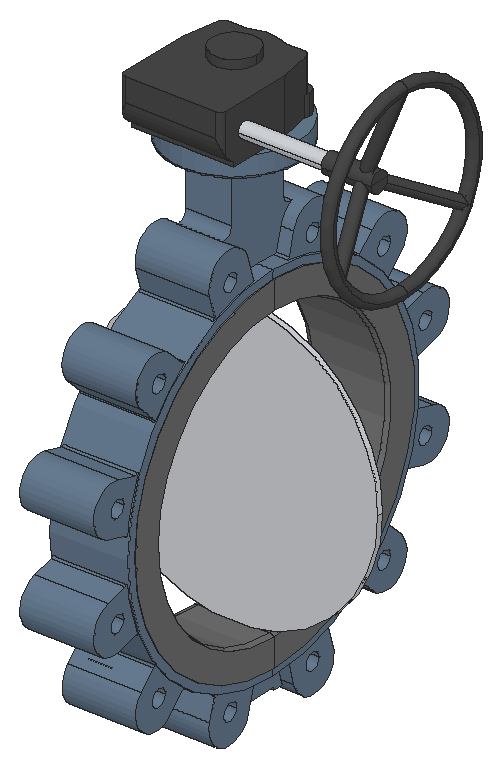
Revit family "Absperr- und Regulierklappe mit Getriebe AF-4219", category Rohrzubehör, Revit 2020 (continued)
Definition of nested family "Getriebe für Klappe DN50-DN200"
  Dimensions and locks
    "B05": Revolve 6 sketch curve to plane 3 "Mitte (Links/rechts)"
    "R07": Revolve 6 sketch curve to Revolve 6 sketch curve
    "A01": plane 2 to Revolve 6 sketch curve
    "R02": radius of Extrusion 1 sketch curve  (x4)
    "R01": radius of Extrusion 1 sketch curve
    "R03": radius of Extrusion 2 sketch curve  (x2)
    "R06": radius of Revolve 6 sketch curve
    "W01": angle Extrusion 1 sketch curve to Extrusion 1 sketch curve  (x2)
    aligned and locked: level to plane 2
  Automatic sketch dimensions
    Extrusion 3 sketch curve to level = 0 mm
    plane 1 "Mitte (Vorne/hinten)" to Extrusion 3 sketch curve = 80 mm
    Extrusion 3 sketch curve to Extrusion 3 sketch curve = 15.427 mm
    Extrusion 3 sketch curve to Extrusion 3 sketch curve = 13.173 mm
    level to Extrusion 3 sketch curve = 4.9 mm
    plane 1 "Mitte (Vorne/hinten)" to Extrusion 5 sketch curve = 0 mm
    Extrusion 5 sketch curve to plane 3 "Mitte (Links/rechts)" = 0 mm
    level to Revolve 7 sketch curve = 28.6 mm  (x2)
    plane 3 "Mitte (Links/rechts)" to Revolve 7 sketch curve = 172 mm
    level to Revolve 7 sketch curve = 26.361 mm
    Revolve 7 sketch curve to Revolve 7 sketch curve = 5.567 mm
    level to Revolve 7 sketch curve = 120.6 mm
    Revolve 7 sketch curve to Revolve 7 sketch curve = 0 mm  (x3)
    plane 3 "Mitte (Links/rechts)" to Revolve 10 sketch curve = 172 mm
    Revolve 10 sketch curve to Revolve 10 sketch curve = 5.567 mm
    Revolve 10 sketch curve to Revolve 10 sketch curve = 37 mm
    Revolve 10 sketch curve to Revolve 10 sketch curve = 2.239 mm
    Revolve 10 sketch curve to Revolve 10 sketch curve = 0 mm  (x4)
    plane 3 "Mitte (Links/rechts)" to Revolve 9 sketch curve = 172 mm
    Revolve 9 sketch curve to Revolve 9 sketch curve = 5.567 mm
    Revolve 9 sketch curve to Revolve 9 sketch curve = 37 mm
    Revolve 9 sketch curve to Revolve 9 sketch curve = 2.239 mm
    Revolve 9 sketch curve to Revolve 9 sketch curve = 0 mm  (x4)
    Extrusion 1 sketch curve to plane 3 "Mitte (Links/rechts)" = 0 mm
    plane 1 "Mitte (Vorne/hinten)" to Extrusion 1 sketch curve = 0 mm  (x2)
    Extrusion 1 sketch curve to plane 1 "Mitte (Vorne/hinten)" = 35.392 mm
    Extrusion 1 sketch curve to Extrusion 1 sketch curve = 18.48 mm  (x2)
    Extrusion 2 sketch curve to plane 3 "Mitte (Links/rechts)" = 35.7 mm
    plane 3 "Mitte (Links/rechts)" to Extrusion 2 sketch curve = 35.7 mm
    Revolve 4 sketch curve to plane 3 "Mitte (Links/rechts)" = 0 mm  (x2)
    Revolve 4 sketch curve to Revolve 4 sketch curve = 0 mm  (x2)
    Revolve 6 sketch curve to plane 3 "Mitte (Links/rechts)" = 1506.53 mm
    Revolve 6 sketch curve to Revolve 6 sketch curve = 1630.148 mm
    Revolve 8 sketch curve to Revolve 8 sketch curve = 7.5 mm
    Revolve 8 sketch curve to Revolve 8 sketch curve = 0 mm  (x2)
    radius of Extrusion 5 sketch curve = 22.3 mm
Definition of nested family "Getriebe für Klappe DN250-DN300"
  Parameters (values of type "Getriebe für Klappe DN250-DN300")
    W01 = 11.19°  # constant formula
    Default Elevation = 0 mm
    URL = "www.herz-armaturen.at"
    R07 = 92 mm  # constant formula
    R06 = 6 mm  # constant formula
    R05 = 10 mm  # constant formula
    R04 = 7.5 mm  # constant formula
    R03 = 10.5 mm  # constant formula
    R02 = 5.4 mm  # constant formula
    R01 = 44.9 mm  # constant formula
    M01 = 37 mm  # constant formula
    L03 = 52 mm  # constant formula
    L02 = 39.6 mm  # constant formula
    L01 = 80 mm  # constant formula
    Manufacturer = "Herz-Armaturen GmbH"  # constant formula
    H03 = 28.6 mm  # constant formula
    H02 = 20 mm  # constant formula
    H01 = 54 mm  # constant formula
    B05 = 209 mm  # constant formula
    B04 = 22 mm  # constant formula
    B03 = 50 mm  # constant formula
    B02 = 159 mm  # constant formula
    B01 = 51 mm  # constant formula
    A01 = 28.6 mm  # constant formula
  Reference planes
    plane 1 "Mitte (Vorne/hinten)": y = 0
    plane 2: z = 0
    plane 3 "Mitte (Links/rechts)": x = 0
  Forms (mm)
    Extrusion 1, solid, detail levels fine
      sketch origin (0, 0, 0) x (1, 0, 0) y (0, 1, 0)
        loop
          line (51, 0) -> (43.999, 35.392)
          arc (43.999, 35.392) -> (42.103, 38.419) -> (38.732, 39.6) r 5.4
          line (38.732, 39.6) -> (20.252, 39.6)
          arc (20.252, 39.6) -> (0, 44.427) -> (-20.252, 39.6) r 44.9
          line (-20.252, 39.6) -> (-38.732, 39.6)
          arc (-38.732, 39.6) -> (-42.103, 38.419) -> (-43.999, 35.392) r 5.4
          line (-43.999, 35.392) -> (-51, 0) -> (-51, -74.6)
          arc (-51, -74.6) -> (-49.418, -78.418) -> (-45.6, -80) r 5.4
          line (-45.6, -80) -> (45.6, -80)
          arc (45.6, -80) -> (49.418, -78.418) -> (51, -74.6) r 5.4
          line (51, -74.6) -> (51, 0)
      from 0 to 54
    Extrusion 2, solid, detail levels fine
      sketch origin (0, 0, 0) x (1, 0, 0) y (0, 1, 0)
        loop
          circle (-35.7, 37) r 10.5
        loop
          circle (35.7, 37) r 10.5
      from 0 to 20
    Extrusion 3, void
      sketch origin (0, 0, 0) x (0, 1, 0) y (0, 0, 1)
        loop
          line (-80, 0) -> (-64.573, 0) -> (-64.573, 4.9)
          arc (-64.573, 4.9) -> (-75.841, 15.433) -> (-80, 30.286) r 28.6
          line (-80, 30.286) -> (-80, 0)
      from -51 to 51
    Revolve 4, solid, detail levels fine
      sketch origin (0, 0, 28.6) x (1, 0, 0) y (0, 1, 0)
        loop
          line (0, -52) -> (0, -59.5) -> (159, -59.5) -> (159, -52) -> (0, -52)
        axis (0, -52) -> (159, -52)
      angle from 0 to 360
    Extrusion 5, solid, detail levels fine
      sketch origin (0, 0, 0) x (1, 0, 0) y (0, 1, 0)
        loop
          circle (0, 0) r 22.3
      from 54 to 62.5
    Revolve 6, solid, detail levels fine
      sketch origin (0, -52, 28.6) x (1, 0, 0) y (0, 0, 1)
        loop
          circle (209, 92) r 6
        axis (203, 0) -> (215, 0)
      angle from 0 to 360
    Revolve 7, solid, detail levels fine
      sketch origin (0, -52, 0) x (1, 0, 0) y (0, 0, 1)
        loop
          line (209, 120.6) -> (172, 28.6) -> (177.567, 26.361) -> (214.567, 118.361) -> (209, 120.6)
        axis (172, 28.6) -> (209, 120.6)
      angle from 0 to 360
    Revolve 8, solid, detail levels fine
      sketch origin (0, 0, 28.6) x (1, 0, 0) y (0, 1, 0)
        loop
          line (137, -59.5) -> (137, -62) -> (187, -62) -> (187, -52) -> (159, -52) -> (159, -59.5) -> (137, -59.5)
        axis (137, -52) -> (187, -52)
      angle from 0 to 360
    Revolve 9, solid, detail levels fine
      sketch origin (0, -27.232, 42.9) x (1, 0, 0) y (0, -0.866025, -0.5)
        loop
          line (209, 120.6) -> (172, 28.6) -> (177.567, 26.361) -> (214.567, 118.361) -> (209, 120.6)
        axis (172, 28.6) -> (209, 120.6)
      angle from 0 to 360
    Revolve 10, solid, detail levels fine
      sketch origin (0, -76.768, 42.9) x (1, 0, 0) y (0, 0.866025, -0.5)
        loop
          line (209, 120.6) -> (172, 28.6) -> (177.567, 26.361) -> (214.567, 118.361) -> (209, 120.6)
        axis (172, 28.6) -> (209, 120.6)
      angle from 0 to 360
  Cuts and joins
    Extrusion 3 cuts Extrusion 1
  Dimensions and locks
    "B01": Extrusion 1 sketch curve to plane 3 "Mitte (Links/rechts)"
    "B01": plane 3 "Mitte (Links/rechts)" to Extrusion 1 sketch curve
    "L02": plane 1 "Mitte (Vorne/hinten)" to Extrusion 1 sketch curve  (x2)
    "L01": Extrusion 1 sketch curve to plane 1 "Mitte (Vorne/hinten)"
    "M01": plane 1 "Mitte (Vorne/hinten)" to Extrusion 2 sketch curve  (x2)
    "H01": Extrusion 1 to plane 2
    "H02": Extrusion 2 to plane 2
    "L03": Revolve 4 sketch curve to plane 1 "Mitte (Vorne/hinten)"
    "R04": Revolve 4 sketch curve to Revolve 4 sketch curve
    "B02": Revolve 4 sketch curve to Revolve 4 sketch curve
    "H03": Revolve 8 to plane 2
    "H03": Revolve 4 to plane 2
    "L03": Revolve 8 sketch curve to plane 1 "Mitte (Vorne/hinten)"
    "B02": plane 3 "Mitte (Links/rechts)" to Revolve 8 sketch curve
    "R05": Revolve 8 sketch curve to Revolve 8 sketch curve
    "B03": Revolve 8 sketch curve to Revolve 8 sketch curve
    "B04": Revolve 8 sketch curve to Revolve 8 sketch curve
    "R04": Revolve 8 sketch curve to Revolve 8 sketch curve
    "B05": Revolve 6 sketch curve to plane 3 "Mitte (Links/rechts)"
    "R07": Revolve 6 sketch curve to Revolve 6 sketch curve
    "A01": plane 2 to Revolve 6 sketch curve
    "R02": radius of Extrusion 1 sketch curve  (x4)
    "R01": radius of Extrusion 1 sketch curve
    "R03": radius of Extrusion 2 sketch curve  (x2)
    "R06": radius of Revolve 6 sketch curve
    "W01": angle Extrusion 1 sketch curve to Extrusion 1 sketch curve  (x2)
    aligned and locked: level to plane 2
  Automatic sketch dimensions
    Extrusion 3 sketch curve to level = 0 mm
    plane 1 "Mitte (Vorne/hinten)" to Extrusion 3 sketch curve = 80 mm
    Extrusion 3 sketch curve to Extrusion 3 sketch curve = 15.427 mm
    Extrusion 3 sketch curve to Extrusion 3 sketch curve = 13.173 mm
    level to Extrusion 3 sketch curve = 4.9 mm
    plane 1 "Mitte (Vorne/hinten)" to Extrusion 5 sketch curve = 0 mm
    Extrusion 5 sketch curve to plane 3 "Mitte (Links/rechts)" = 0 mm
    level to Revolve 7 sketch curve = 28.6 mm  (x2)
    plane 3 "Mitte (Links/rechts)" to Revolve 7 sketch curve = 172 mm
    level to Revolve 7 sketch curve = 26.361 mm
    Revolve 7 sketch curve to Revolve 7 sketch curve = 5.567 mm
    level to Revolve 7 sketch curve = 120.6 mm
    Revolve 7 sketch curve to Revolve 7 sketch curve = 0 mm  (x3)
    plane 3 "Mitte (Links/rechts)" to Revolve 10 sketch curve = 172 mm
    Revolve 10 sketch curve to Revolve 10 sketch curve = 5.567 mm
    Revolve 10 sketch curve to Revolve 10 sketch curve = 37 mm
    Revolve 10 sketch curve to Revolve 10 sketch curve = 2.239 mm
    Revolve 10 sketch curve to Revolve 10 sketch curve = 0 mm  (x4)
    plane 3 "Mitte (Links/rechts)" to Revolve 9 sketch curve = 172 mm
    Revolve 9 sketch curve to Revolve 9 sketch curve = 5.567 mm
    Revolve 9 sketch curve to Revolve 9 sketch curve = 37 mm
    Revolve 9 sketch curve to Revolve 9 sketch curve = 2.239 mm
    Revolve 9 sketch curve to Revolve 9 sketch curve = 0 mm  (x4)
    Extrusion 1 sketch curve to plane 3 "Mitte (Links/rechts)" = 0 mm
    plane 1 "Mitte (Vorne/hinten)" to Extrusion 1 sketch curve = 0 mm  (x2)
    Extrusion 1 sketch curve to plane 1 "Mitte (Vorne/hinten)" = 35.392 mm
    Extrusion 1 sketch curve to Extrusion 1 sketch curve = 18.48 mm  (x2)
    Extrusion 2 sketch curve to plane 3 "Mitte (Links/rechts)" = 35.7 mm
    plane 3 "Mitte (Links/rechts)" to Extrusion 2 sketch curve = 35.7 mm
    Revolve 4 sketch curve to plane 3 "Mitte (Links/rechts)" = 0 mm  (x2)
    Revolve 4 sketch curve to Revolve 4 sketch curve = 0 mm  (x2)
    Revolve 6 sketch curve to plane 3 "Mitte (Links/rechts)" = 1506.53 mm
    Revolve 6 sketch curve to Revolve 6 sketch curve = 1630.148 mm
    Revolve 8 sketch curve to Revolve 8 sketch curve = 7.5 mm
    Revolve 8 sketch curve to Revolve 8 sketch curve = 0 mm  (x2)
    radius of Extrusion 5 sketch curve = 22.3 mm
